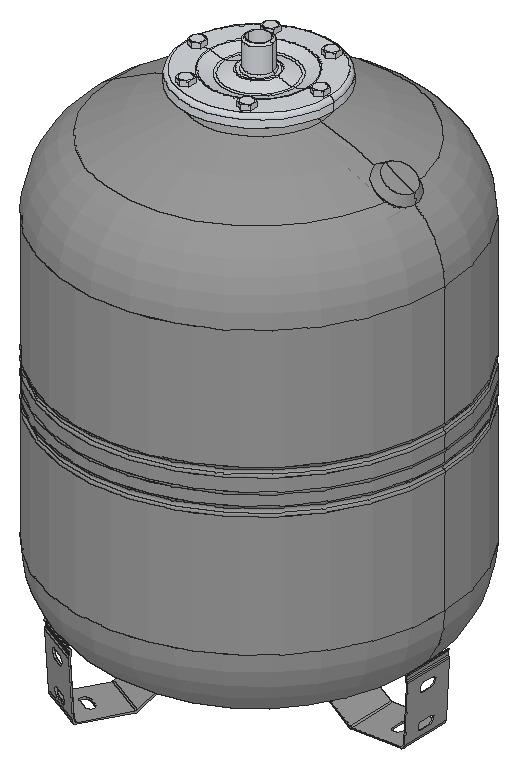
Revit family "WRV 50", category Оборудование, Revit 2014
Parameters
  Описание = "Мембранный бак для отопления V=50л, Py=5бар, 3/4\""
  Материал крышки = Черная резина
  Материал = Красная краска
  Масса кг = "7.75"
  Крышка [instance] = yes
  Комментарии к типоразмеру = "WRV 50"
  Изготовитель = "WESTER"  # constant formula
  URL = "http://www.wester.su/"
Reference planes
  plane 1 "По центру (Вперед/Назад)": y = 0
  plane 2: z = 0
  plane 3 "По центру (Влево/Вправо)": x = 0
Forms (mm)
  Revolve 1, solid, material "Красная краска" <- "Материал"
    sketch origin (-161.5, 0, 194.588) x (0, 0, -1) y (1, 0, 0)
      loop
        line (77.282, 343.999) -> (-43.67, 343.999)
        arc (-43.67, 343.999) -> (-45.153, 343.601) -> (-46.239, 342.516) r 2.965
        arc (-46.239, 342.516) -> (-48.4, 341.268) -> (-50.561, 342.516) r 2.495
        arc (-50.561, 342.516) -> (-51.66, 343.602) -> (-53.153, 343.999) r 3.007
        line (-53.153, 343.999) -> (-63.274, 343.999)
        arc (-63.274, 343.999) -> (-64.34, 344.333) -> (-65.407, 343.999) r 1.869
        line (-65.407, 343.999) -> (-77.66, 343.999)
        arc (-77.66, 343.999) -> (-79.154, 343.602) -> (-80.252, 342.516) r 3.007
        arc (-80.252, 342.516) -> (-82.413, 341.268) -> (-84.575, 342.516) r 2.495
        arc (-84.575, 342.516) -> (-85.66, 343.601) -> (-87.143, 343.999) r 2.965
        line (-87.143, 343.999) -> (-207.143, 343.999)
        arc (-207.143, 343.999) -> (-247.084, 333.086) -> (-275.927, 303.379) r 78.548
        arc (-275.927, 303.379) -> (-294.806, 263.731) -> (-308.842, 222.123) r 369.076
        line (-308.842, 222.123) -> (-321.955, 209.009) -> (-321.955, 161.5) -> (185.592, 161.5)
        arc (185.592, 161.5) -> (175.445, 235.719) -> (146.193, 304.681) r 283.187
        arc (146.193, 304.681) -> (116.951, 333.478) -> (77.282, 343.999) r 80.048
      axis (-321.955, 161.5) -> (185.592, 161.5)
    angle from 0 to 360
  Revolve 2, solid
    sketch origin (0, 0, 249.484) x (1, 0, 0) y (0, 0, 1)
      loop
        line (0, 267.059) -> (69.996, 267.059) -> (69.996, 268.559) -> (73.753, 268.559) -> (73.151, 275.443)
        arc (73.151, 275.443) -> (71.956, 278.131) -> (69.36, 279.516) r 4.524
        line (69.36, 279.516) -> (48.486, 279.516)
        arc (48.486, 279.516) -> (47.948, 279.469) -> (47.425, 279.329) r 3.112
        line (47.425, 279.329) -> (35.297, 275.272)
        arc (35.297, 275.272) -> (34.006, 275.061) -> (32.715, 275.272) r 4.069
        line (32.715, 275.272) -> (19.199, 279.345)
        arc (19.199, 279.345) -> (18.587, 279.478) -> (17.962, 279.515) r 4.016
        line (17.962, 279.515) -> (14.547, 279.516)
        arc (14.547, 279.516) -> (14.224, 280.76) -> (13.218, 281.561) r 2.03
        line (13.218, 281.561) -> (13.218, 305.531) -> (11.195, 307.555) -> (10.385, 307.555) -> (10.385, 279.516) -> (0, 279.516) -> (0, 267.059)
      axis (0, 307.555) -> (0, 267.059)
    angle from 0 to 360
  Revolve 3, solid
    sketch origin (-196.586, 0, -98.786) x (0.866025, 0, -0.5) y (0.5, 0, 0.866025)
      loop
        line (-3.985, 668.015) -> (-3.985, 656.503) -> (-5.516, 656.503) -> (-5.516, 652.003) -> (0, 652.003) -> (0, 665.157) -> (-1.586, 665.157) -> (-2.15, 665.72) -> (-2.15, 669.003) -> (-2.997, 669.003) -> (-3.985, 668.015)
      axis (0, 669.003) -> (0, 652.003)
    angle from 0 to 360
  Revolve 4, solid, material "Черная резина" <- "Материал крышки", visible <- "Крышка"
    sketch origin (-196.586, 0, -98.786) x (0.866025, 0, -0.5) y (0.5, 0, 0.866025)
      loop
        line (0, 652.003) -> (0, 670.119) -> (-16.18, 670.119) -> (-21.758, 662.442) -> (-7.391, 652.003) -> (0, 652.003)
      axis (0, 670.119) -> (0, 652.003)
    angle from 0 to 360
  Revolve 5, void
    sketch origin (391.946, 0, 432.68) x (-0.5, 0, 0.866025) y (-0.866025, 0, -0.5)
      loop
        line (153.678, 207.113) -> (148.215, 195.158)
        arc (148.215, 195.158) -> (145.705, 191.394) -> (142.142, 188.607) r 14.244
        line (142.142, 188.607) -> (142.808, 186.83) -> (166.07, 200.26) -> (160.004, 210.765) -> (153.678, 207.113)
      axis (166.07, 200.26) -> (160.004, 210.765)
    angle from 0 to 360
  Extrusion 6, solid, material "Красная краска" <- "Материал"
    sketch origin (0, 0, 0) x (1, 0, 0) y (0, 0, 1)
      loop
        line (163.939, 65.202) -> (163.741, 61.666)
        arc (163.741, 61.666) -> (163.799, 60.66) -> (164.26, 59.765) r 2.427
        arc (164.26, 59.765) -> (164.513, 59.3) -> (164.581, 58.774) r 1.44
        line (164.581, 58.774) -> (161.496, 3.561)
        arc (161.496, 3.561) -> (160.718, 1.884) -> (159, 1.2) r 2.5
        line (159, 1.2) -> (110.687, 1.2)
        arc (110.687, 1.2) -> (109.831, 1.351) -> (109.079, 1.785) r 2.501
        line (109.079, 1.785) -> (90.845, 16.78)
        arc (90.845, 16.78) -> (90.52, 17.163) -> (90.351, 17.636) r 1.406
        arc (90.351, 17.636) -> (90.079, 18.444) -> (89.567, 19.126) r 2.679
        line (89.567, 19.126) -> (86.719, 21.468)
        arc (86.719, 21.468) -> (85.447, 22.046) -> (84.056, 21.911) r 2.7
        line (84.056, 21.911) -> (83.137, 21.566) -> (83.559, 20.442) -> (84.477, 20.787)
        arc (84.477, 20.787) -> (85.25, 20.862) -> (85.957, 20.541) r 1.5
        line (85.957, 20.541) -> (88.767, 18.231)
        arc (88.767, 18.231) -> (89.038, 17.878) -> (89.128, 17.442) r 0.992
        arc (89.128, 17.442) -> (89.469, 16.566) -> (90.083, 15.854) r 2.767
        line (90.083, 15.854) -> (108.308, 0.866)
        arc (108.308, 0.866) -> (109.421, 0.223) -> (110.687, 0) r 3.701
        line (110.687, 0) -> (159, 0)
        arc (159, 0) -> (161.542, 1.012) -> (162.694, 3.494) r 3.7
        line (162.694, 3.494) -> (165.78, 58.707)
        arc (165.78, 58.707) -> (165.666, 59.643) -> (165.237, 60.482) r 2.687
        arc (165.237, 60.482) -> (164.987, 60.983) -> (164.936, 61.54) r 1.513
        line (164.936, 61.54) -> (165.137, 65.135)
        arc (165.137, 65.135) -> (165.283, 65.702) -> (165.635, 66.169) r 1.5
        line (165.635, 66.169) -> (166.383, 66.838) -> (165.583, 67.732) -> (164.835, 67.064)
        arc (164.835, 67.064) -> (164.202, 66.222) -> (163.939, 65.202) r 2.7
    from -24.996 to 25.004
  Extrusion 7, void
    sketch origin (0, 0, 0) x (0, 1, 0) y (0, 0, 1)
      loop
        line (-5.504, 42.356) -> (5.496, 42.356)
        arc (5.496, 42.356) -> (9.989, 46.849) -> (5.496, 51.342) r 4.493
        line (5.496, 51.342) -> (-5.504, 51.342)
        arc (-5.504, 51.342) -> (-9.997, 46.849) -> (-5.504, 42.356) r 4.493
      loop
        line (-5.504, 8.286) -> (5.496, 8.286)
        arc (5.496, 8.286) -> (9.989, 12.779) -> (5.496, 17.272) r 4.493
        line (5.496, 17.272) -> (-5.504, 17.272)
        arc (-5.504, 17.272) -> (-9.997, 12.779) -> (-5.504, 8.286) r 4.493
    from 154.413 to 173.701
  Extrusion 8, void
    sketch origin (0, 0, 0) x (1, 0, 0) y (0, 1, 0)
      loop
        line (145, -5.504) -> (145, 5.496)
        arc (145, 5.496) -> (140.5, 9.996) -> (136, 5.496) r 4.5
        line (136, 5.496) -> (136, -5.504)
        arc (136, -5.504) -> (140.5, -10.004) -> (145, -5.504) r 4.5
    from 0 to 17.272
  Extrusion 9, solid, material "Красная краска" <- "Материал"
    sketch origin (0.003, -0.006, 0) x (-0.5, -0.866025, 0) y (0, 0, 1)
      loop
        line (163.939, 65.202) -> (163.741, 61.666)
        arc (163.741, 61.666) -> (163.799, 60.66) -> (164.26, 59.765) r 2.427
        arc (164.26, 59.765) -> (164.513, 59.3) -> (164.581, 58.774) r 1.44
        line (164.581, 58.774) -> (161.496, 3.561)
        arc (161.496, 3.561) -> (160.718, 1.884) -> (159, 1.2) r 2.5
        line (159, 1.2) -> (110.687, 1.2)
        arc (110.687, 1.2) -> (109.831, 1.351) -> (109.079, 1.785) r 2.501
        line (109.079, 1.785) -> (90.845, 16.78)
        arc (90.845, 16.78) -> (90.52, 17.163) -> (90.351, 17.636) r 1.406
        arc (90.351, 17.636) -> (90.079, 18.444) -> (89.567, 19.126) r 2.679
        line (89.567, 19.126) -> (86.719, 21.468)
        arc (86.719, 21.468) -> (85.447, 22.046) -> (84.056, 21.911) r 2.7
        line (84.056, 21.911) -> (83.137, 21.566) -> (83.559, 20.442) -> (84.477, 20.787)
        arc (84.477, 20.787) -> (85.25, 20.862) -> (85.957, 20.541) r 1.5
        line (85.957, 20.541) -> (88.767, 18.231)
        arc (88.767, 18.231) -> (89.038, 17.878) -> (89.128, 17.442) r 0.992
        arc (89.128, 17.442) -> (89.469, 16.566) -> (90.083, 15.854) r 2.767
        line (90.083, 15.854) -> (108.308, 0.866)
        arc (108.308, 0.866) -> (109.421, 0.223) -> (110.687, 0) r 3.701
        line (110.687, 0) -> (159, 0)
        arc (159, 0) -> (161.542, 1.012) -> (162.694, 3.494) r 3.7
        line (162.694, 3.494) -> (165.78, 58.707)
        arc (165.78, 58.707) -> (165.666, 59.643) -> (165.237, 60.482) r 2.687
        arc (165.237, 60.482) -> (164.987, 60.983) -> (164.936, 61.54) r 1.513
        line (164.936, 61.54) -> (165.137, 65.135)
        arc (165.137, 65.135) -> (165.283, 65.702) -> (165.635, 66.169) r 1.5
        line (165.635, 66.169) -> (166.383, 66.838) -> (165.583, 67.732) -> (164.835, 67.064)
        arc (164.835, 67.064) -> (164.202, 66.222) -> (163.939, 65.202) r 2.7
    from -24.996 to 25.004
  Extrusion 10, solid, material "Красная краска" <- "Материал"
    sketch origin (-0.003, -0.006, 0) x (-0.5, 0.866025, 0) y (0, 0, 1)
      loop
        line (163.939, 65.202) -> (163.741, 61.666)
        arc (163.741, 61.666) -> (163.799, 60.66) -> (164.26, 59.765) r 2.427
        arc (164.26, 59.765) -> (164.513, 59.3) -> (164.581, 58.774) r 1.44
        line (164.581, 58.774) -> (161.496, 3.561)
        arc (161.496, 3.561) -> (160.718, 1.884) -> (159, 1.2) r 2.5
        line (159, 1.2) -> (110.687, 1.2)
        arc (110.687, 1.2) -> (109.831, 1.351) -> (109.079, 1.785) r 2.501
        line (109.079, 1.785) -> (90.845, 16.78)
        arc (90.845, 16.78) -> (90.52, 17.163) -> (90.351, 17.636) r 1.406
        arc (90.351, 17.636) -> (90.079, 18.444) -> (89.567, 19.126) r 2.679
        line (89.567, 19.126) -> (86.719, 21.468)
        arc (86.719, 21.468) -> (85.447, 22.046) -> (84.056, 21.911) r 2.7
        line (84.056, 21.911) -> (83.137, 21.566) -> (83.559, 20.442) -> (84.477, 20.787)
        arc (84.477, 20.787) -> (85.25, 20.862) -> (85.957, 20.541) r 1.5
        line (85.957, 20.541) -> (88.767, 18.231)
        arc (88.767, 18.231) -> (89.038, 17.878) -> (89.128, 17.442) r 0.992
        arc (89.128, 17.442) -> (89.469, 16.566) -> (90.083, 15.854) r 2.767
        line (90.083, 15.854) -> (108.308, 0.866)
        arc (108.308, 0.866) -> (109.421, 0.223) -> (110.687, 0) r 3.701
        line (110.687, 0) -> (159, 0)
        arc (159, 0) -> (161.542, 1.012) -> (162.694, 3.494) r 3.7
        line (162.694, 3.494) -> (165.78, 58.707)
        arc (165.78, 58.707) -> (165.666, 59.643) -> (165.237, 60.482) r 2.687
        arc (165.237, 60.482) -> (164.987, 60.983) -> (164.936, 61.54) r 1.513
        line (164.936, 61.54) -> (165.137, 65.135)
        arc (165.137, 65.135) -> (165.283, 65.702) -> (165.635, 66.169) r 1.5
        line (165.635, 66.169) -> (166.383, 66.838) -> (165.583, 67.732) -> (164.835, 67.064)
        arc (164.835, 67.064) -> (164.202, 66.222) -> (163.939, 65.202) r 2.7
    from -24.996 to 25.004
  Extrusion 11, void
    sketch origin (0.063, -0.04, 0) x (0.866025, -0.5, 0) y (0, 0, 1)
      loop
        line (-5.504, 42.356) -> (5.496, 42.356)
        arc (5.496, 42.356) -> (9.989, 46.849) -> (5.496, 51.342) r 4.493
        line (5.496, 51.342) -> (-5.504, 51.342)
        arc (-5.504, 51.342) -> (-9.997, 46.849) -> (-5.504, 42.356) r 4.493
      loop
        line (-5.504, 8.286) -> (5.496, 8.286)
        arc (5.496, 8.286) -> (9.989, 12.779) -> (5.496, 17.272) r 4.493
        line (5.496, 17.272) -> (-5.504, 17.272)
        arc (-5.504, 17.272) -> (-9.997, 12.779) -> (-5.504, 8.286) r 4.493
    from 154.413 to 173.701
  Extrusion 12, void
    sketch origin (0.063, -0.04, 0) x (-0.5, -0.866025, 0) y (0.866025, -0.5, 0)
      loop
        line (145, -5.504) -> (145, 5.496)
        arc (145, 5.496) -> (140.5, 9.996) -> (136, 5.496) r 4.5
        line (136, 5.496) -> (136, -5.504)
        arc (136, -5.504) -> (140.5, -10.004) -> (145, -5.504) r 4.5
    from 0 to 17.272
  Extrusion 13, void
    sketch origin (-0.003, -0.006, 0) x (-0.866025, -0.5, 0) y (0, 0, 1)
      loop
        line (-5.504, 42.356) -> (5.496, 42.356)
        arc (5.496, 42.356) -> (9.989, 46.849) -> (5.496, 51.342) r 4.493
        line (5.496, 51.342) -> (-5.504, 51.342)
        arc (-5.504, 51.342) -> (-9.997, 46.849) -> (-5.504, 42.356) r 4.493
      loop
        line (-5.504, 8.286) -> (5.496, 8.286)
        arc (5.496, 8.286) -> (9.989, 12.779) -> (5.496, 17.272) r 4.493
        line (5.496, 17.272) -> (-5.504, 17.272)
        arc (-5.504, 17.272) -> (-9.997, 12.779) -> (-5.504, 8.286) r 4.493
    from 154.413 to 173.701
  Extrusion 14, void
    sketch origin (-0.003, -0.006, 0) x (-0.5, 0.866025, 0) y (-0.866025, -0.5, 0)
      loop
        line (145, -5.504) -> (145, 5.496)
        arc (145, 5.496) -> (140.5, 9.996) -> (136, 5.496) r 4.5
        line (136, 5.496) -> (136, -5.504)
        arc (136, -5.504) -> (140.5, -10.004) -> (145, -5.504) r 4.5
    from 0 to 17.272
Cuts and joins
  Revolve 5 cuts Revolve 1
  Extrusion 7, Extrusion 8, Extrusion 11 cuts Extrusion 6
  Extrusion 11, Extrusion 12, Extrusion 13 cuts Extrusion 9
  Extrusion 13, Extrusion 14 cuts Extrusion 10
Dimensions and locks
  aligned and locked: level to plane 2
Nested families
  nested 1: "Болт" at (30, -51.954, 529) x (0, 1, 0) z (0, 0, 1), type "Болт"
  nested 2: "Болт" at (59.993, 0, 529) x (0, 1, 0) z (0, 0, 1), type "Болт"
  nested 3: "Болт" at (29.993, 51.958, 529) x (0, 1, 0) z (0, 0, 1), type "Болт"
  nested 4: "Болт" at (-60, 0, 529) x (0, 1, 0) z (0, 0, 1), type "Болт"
  nested 5: "Болт" at (-30, 51.958, 529) x (0, 1, 0) z (0, 0, 1), type "Болт"
  nested 6: "Болт" at (-29.987, -51.954, 529) x (0, 1, 0) z (0, 0, 1), type "Болт"
Connectors
  piping at (0, 0, 557.039), diameter 20
    settings: on Revolve 2, index 1, connector inside diameter 609.6 mm, connector length 0 mm, flow factor 0, pipe flow 0.0 L/s, pressure drop 0.0 Pa, fitting loss kfactor 0, connector angle 0.00°, fixture units 0, engagement length 0 mm, angle of deflection 0.00°, flow configuration 1, flow direction 0, fitting loss method 0, system type 29, joint type 0, gender type 0, connector reference index -1, connector utility 0, adjustable connector no, is connector primary yes, connector description ""
Definition of nested family "Болт"
  Parameters (values of type "Болт")
    Default Elevation = 1219.2 mm
  Reference planes
    plane 1 "По центру (Вперед/Назад)": y = 0
    plane 2: z = 0
    plane 3 "По центру (Влево/Вправо)": x = 0
  Forms (mm)
    Extrusion 1, solid
      sketch origin (0, 0, 0) x (1, 0, 0) y (0, 1, 0)
        loop
          line (-1219.2, 1219.2) -> (-1219.2, -1219.2) -> (1219.2, -1219.2) -> (1219.2, 1219.2) -> (-1219.2, 1219.2)
      from 0 to -304.8
    Extrusion 2, solid, detail levels medium+fine
      sketch origin (0, 0, 0) x (0, 1, 0) y (-1, 0, 0)
        loop
          line (-6.5, -3.753) -> (0, -7.506) -> (6.5, -3.753) -> (6.5, 3.753) -> (0, 7.506) -> (-6.5, 3.753) -> (-6.5, -3.753)
      from 0 to 5.3
    Extrusion 3, solid, detail levels medium+fine
      sketch origin (0, 0, 0) x (1, 0, 0) y (0, 1, 0)
        loop
          circle (0, 0) r 4
      from -14 to 0
    Revolve 4, void
      sketch origin (0, 0, 0) x (1, 0, 0) y (0, 0, 1)
        loop
          line (-7.506, 4.447) -> (-6.413, 5.3) -> (-7.506, 5.3) -> (-7.506, 4.447)
        axis (0, 5.3) -> (0, 4.3)
      angle from 0 to 360
    Revolve 5, void
      sketch origin (0, 0, 0) x (1, 0, 0) y (0, 0, 1)
        loop
          line (-4, -14) -> (-2.365, -14) -> (-4, -12.365) -> (-4, -14)
        axis (0, -12.365) -> (0, -14)
      angle from 0 to 360
  Cuts and joins
    Revolve 4 cuts Extrusion 2
    Revolve 5 cuts Extrusion 3
    joined: Extrusion 2, Extrusion 3
  Dimensions and locks
    aligned and locked: plane 2 to Extrusion 1
    aligned and locked: level to Extrusion 1
    aligned and locked: Revolve 4 sketch curve to plane 3 "По центру (Влево/Вправо)"
    aligned and locked: cut or joined group of Extrusion 2, Extrusion 3, Revolve 4, Revolve 5 to Revolve 4 sketch curve
